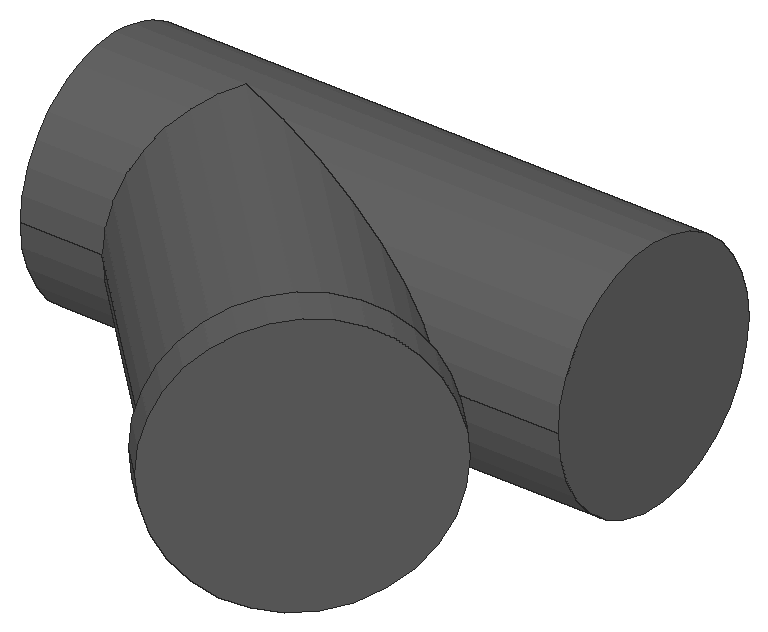
Revit family "QSS+_Ревизия 45 и 87", category Соединительные детали трубопроводов, Revit 2019
Family settings
  Размер круглого соединителя = Использовать диаметр
  Тип детали = Соединение
  На основе рабочей плоскости = Нет
  Всегда вертикально = Да
  При загрузке вырезать с полостями = Нет
  Общий = Нет
Parameters (values of type "QQS+")
  Усиленный [instance] = no
  Угол [instance] = 45.00°
  Типовой = no
  Поиск в таблице имен 4 = "QSS+_Ревизия 45 и 90"
  Поиск в таблице имен 3 = "QSS+_Ревизия 45 и 90"
  Поиск в таблице имен 2 = "QSS+_Ревизия 45 и 90"
  Поиск в таблице имен = "QSS+_Ревизия 45 и 90"
  Размер засечки 2 [instance] = 50 mm  # constant formula
  Размер засечки 1 [instance] = 50 mm  # constant formula
  Description = ""
  Материал = Пластик
  Assembly Code = ""
  Manufacturer = ""
  l [instance] = k4 + k3  # 336 mm
  K2 [instance] = size_lookup(Поиск в таблице имен, "K2", 300 mm, ADSK_Диаметр условный, Диаметр условный 1, ADSK_Угол)  # 85 mm
  k1 [instance] = size_lookup(Поиск в таблице имен, "k1", 300 mm, ADSK_Диаметр условный, Диаметр условный 1, ADSK_Угол)  # 65 mm
  Z3 [instance] = 120.064 mm
  k4 [instance] = size_lookup(Поиск в таблице имен, "k4", 300 mm, ADSK_Диаметр условный, Диаметр условный 1, ADSK_Угол)  # 250 mm
  Z1 [instance] = if(ADSK_Угол = 88.50°, Диаметр условный 1 / 2 + K2, if(Диаметр условный 1 > 110 mm, Диаметр условный 1 + 40 mm + K2, Диаметр условный 1 + 20 mm + K2))  # 285 mm
  URL = ""
  Диаметр условный 1 [instance] = 160 mm
  k3 [instance] = size_lookup(Поиск в таблице имен, "k3", 300 mm, ADSK_Диаметр условный, Диаметр условный 1, ADSK_Угол)  # 86 mm
  K [instance] = size_lookup(Поиск в таблице имен, "K", 300 mm, ADSK_Диаметр условный, Диаметр условный 1, ADSK_Угол)  # 376.3 mm
  E [instance] = Диаметр условный 1 + 6 mm  # 166 mm
  ADSK_Угол [instance] = if(or(Угол < 57.50°, Угол > 122.50°), 45.00°, if(or(Угол < 79.00°, Угол > 101.00°), 67.30°, 88.50°))  # 45.00°
  ADSK_Наименование краткое = "Тр."
  ADSK_Наименование [instance] = size_lookup(Поиск в таблице имен, "ADSK_Наименование", "Решение не найдено", ADSK_Диаметр условный, Диаметр условный 1, ADSK_Угол)  # "Ревизия 45° DN160x160x160"
  ADSK_Масса_Текст [instance] = ""
  ADSK_Масса [instance] = 0
  ADSK_Марка = ""
  ADSK_Код изделия [instance] = size_lookup(Поиск в таблице имен, "ADSK_Код изделия", "Решение не найдено", ADSK_Диаметр условный, Диаметр условный 1, ADSK_Угол)  # "QSS-AY-160160"
  ADSK_Завод-изготовитель = "Agpipe"  # constant formula
  ADSK_Единица измерения = "шт."  # constant formula
  ADSK_Диаметр условный [instance] = 160 mm
  A [instance] = ADSK_Диаметр условный + 6 mm  # 166 mm
Reference planes
  plane 1 "По центру (Вперед/Назад)": y = 0
  plane 2: z = 0
  plane 3 "По центру (Влево/Вправо)": x = 0
  plane 4: x = -26.3
  plane 5: x = 200
  plane 6: x = -91.3
  plane 7: x = 285
  plane 8: z = 83
  plane 9: z = -83
Forms (mm)
  Sweep 1, solid, material "Пластик" <- "Материал", detail levels fine
    path in 3D
      loop
        line (-91.3, 0, 0) -> (285, 0, 0)
    profile origin (96.85, 0, 0) x (0, 1, 0) y (0, 0, 1)
      loop
        circle (0, 0) r 83
  Sweep 2, solid, material "Пластик" <- "Материал", detail levels fine
    path in 3D
      loop
        line (0, 0, 0) -> (176.777, -176.777, 0)
    profile origin (88.388, -88.388, 0) x (0.707107, 0.707107, 0) y (0, 0, 1)
      loop
        circle (0, 0) r 83
Cuts and joins
  joined: Sweep 1, Sweep 2
Lines and regions (mm)
  reference lines
    curve 1: line (0, 0, 0) -> (176.777, -176.777, 0)
    curve 3: line (-82.3, 0, 0) -> (-91.3, 0, 0)
    curve 4: line (-91.3, 0, 0) -> (285, 0, 0)
    curve 7: line (0, 0, 0) -> (176.777, -176.777, 0)
  sketch lines
    curve 2: line (0, 0, 0) -> (176.777, -176.777, 0)
    curve 6: line (-91.3, 0, 0) -> (285, 0, 0)
  symbolic lines, style "SketchLines"
    curve 5: line (285, 0, 0) -> (-91.3, 0, 0)
Dimensions and locks
  "k4": curve 1 to curve 1
  "k1": plane 6 to plane 4
  "K": plane 6 to plane 7
  "k4": curve 7 to curve 7
  "K2": plane 5 to plane 7
  "Z1": plane 3 "По центру (Влево/Вправо)" to plane 7
  equal spacing: plane 8, level, plane 9
  "A": plane 8 to plane 9
  "A": diameter of Sweep 1 sketch curve
  "E": diameter of Sweep 2 sketch curve
  "Угол": angle curve 1 to plane 1 "По центру (Вперед/Назад)"
  "Угол": angle curve 7 to plane 1 "По центру (Вперед/Назад)"
  aligned and locked: level to plane 2
  aligned and locked: plane 1 "По центру (Вперед/Назад)" to curve 4
  aligned and locked: plane 6 to curve 4
  aligned and locked: plane 7 to curve 4
  aligned and locked: plane 3 "По центру (Влево/Вправо)" to curve 7
  aligned and locked: curve 5 to curve 4
  aligned and locked: plane 7 to curve 5
  aligned and locked: plane 1 "По центру (Вперед/Назад)" to nested 1
  aligned and locked: plane 3 "По центру (Влево/Вправо)" to nested 1
  aligned and locked: plane 3 "По центру (Влево/Вправо)" to curve 1
Automatic sketch dimensions
  curve 5 to plane 6 = 0 mm
  curve 3 to plane 6 = 9 mm
  Sweep 1 sketch curve to profile plane = 0 mm  (x2)
  Sweep 2 sketch curve to profile plane = 0 mm  (x2)
Nested families
  nested 1: "Семейство1" at (0, 0, 0), type "Семейство1", detail levels medium+fine
Connectors
  piping at (-91.3, 0, 0), diameter 160, driven by "ADSK_Диаметр условный"
    settings: on curve 4, index 4, connector inside diameter 609.6 mm, connector length 0 mm, flow factor 0, pipe flow 0.0 L/s, pressure drop 0.0 Pa, fitting loss kfactor 0, connector angle 0.00°, fixture units 0, engagement length 0 mm, angle of deflection 0.00°, flow configuration 0, flow direction 0, fitting loss method 0, system type 28, joint type 0, gender type 0, connector reference index 5, connector utility 0, adjustable connector no, is connector primary yes, connector description ""
  piping at (285, 0, 0), diameter 160, driven by "ADSK_Диаметр условный"
    settings: on curve 4, index 5, connector inside diameter 609.6 mm, connector length 0 mm, flow factor 0, pipe flow 0.0 L/s, pressure drop 0.0 Pa, fitting loss kfactor 0, connector angle 0.00°, fixture units 0, engagement length 0 mm, angle of deflection 0.00°, flow configuration 0, flow direction 0, fitting loss method 0, system type 28, joint type 0, gender type 0, connector reference index 4, connector utility 0, adjustable connector no, is connector primary no, connector description ""
Definition of nested family "Семейство1"
  Parameters (values of type "Семейство1")
    угол = 45.00°
    Материал = none
    k4 = 250 mm
    d = D2 / 2  # 92 mm
    D2 = D1 + 24 mm  # 184 mm
    D1 = 160 mm
  Reference planes
    plane 1 "По центру (Вперед/Назад)": y = 0
    plane 2: z = 0
    plane 3 "По центру (Влево/Вправо)": x = 0
  Lines and regions (mm)
    reference lines
      curve 1: line (0, 0, 0) -> (176.777, -176.777, 0)
  Dimensions and locks
    "k4": curve 1 to curve 1
    "угол": angle curve 1 to plane 1 "По центру (Вперед/Назад)"
    aligned and locked: level to plane 2
    aligned and locked: plane 3 "По центру (Влево/Вправо)" to curve 1
    aligned and locked: plane 1 "По центру (Вперед/Назад)" to curve 1
    aligned and locked: nested 1 to curve 1
  Nested families
    nested 1: "Семейство2" at (176.777, -176.777, 0) x (0.7071, 0.7071, 0) z (0.7071, -0.7071, 0), type "Семейство2"
      with D2 184 mm
  Definition of nested family "Семейство2"
    Parameters
      Default Elevation = 1219.2 mm
      Материал_Корпус = none
      D2 = 160 mm
    Reference planes
      plane 1 "По центру (Вперед/Назад)": y = 0
      plane 2: z = 0
      plane 3 "По центру (Влево/Вправо)": x = 0
    Forms (mm)
      Extrusion 1, solid
        sketch origin (0, 0, 0) x (1, 0, 0) y (0, 1, 0)
          loop
            line (-1219.2, 1219.2) -> (-1219.2, -1219.2) -> (1219.2, -1219.2) -> (1219.2, 1219.2) -> (-1219.2, 1219.2)
        from 0 to -304.8
      Extrusion 2, solid, material <- "Материал_Корпус"
        sketch origin (0, 0, 0) x (1, 0, 0) y (0, 1, 0)
          loop
            circle (0, 0) r 80
        from 0 to 30
    Dimensions and locks
      "D2": diameter of Extrusion 2 sketch curve
      aligned and locked: plane 2 to Extrusion 1
      aligned and locked: level to Extrusion 1
    Automatic sketch dimensions
      Extrusion 1 sketch curve to Extrusion 1 sketch curve = 2438.4 mm  (x2)
      plane 1 "По центру (Вперед/Назад)" to Extrusion 2 sketch curve = 0 mm
      Extrusion 2 sketch curve to plane 3 "По центру (Влево/Вправо)" = 0 mm
